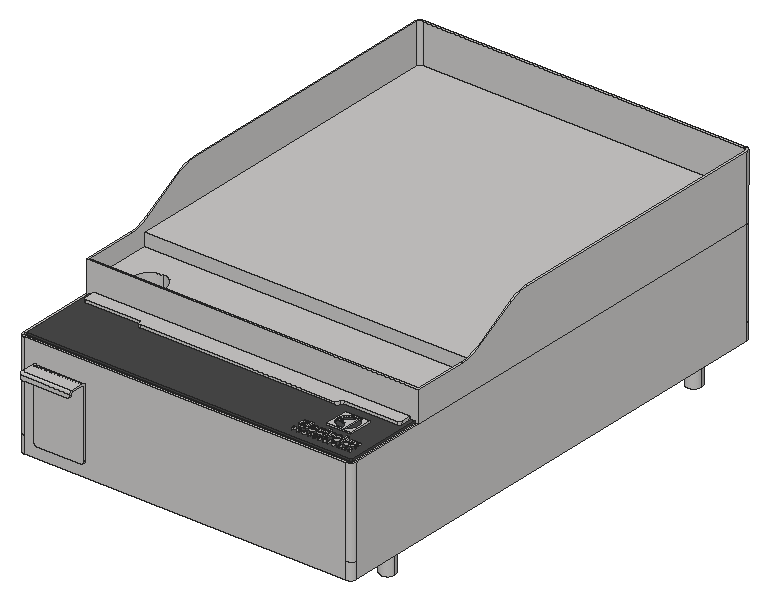
Revit family "QF_ELECTROLUXPROFESSIONAL_602347_E1IREEOMCS", category Specialty Equipment, Revit 2023 (continued)
Automatic sketch dimensions
  curve 250 to curve 250 = 0.8 mm
  curve 266 to curve 270 = 1.202 mm
  curve 255 to curve 259 = 1.202 mm
  curve 255 to curve 257 = 0.112 mm
  curve 266 to curve 268 = 0.112 mm
  curve 292 to curve 301 = 1.265 mm
  curve 209 to curve 210 = 0.543 mm
  curve 219 to curve 223 = 0.018 mm
  curve 210 to curve 206 = 0.022 mm
  curve 290 to curve 285 = 1.444 mm
  curve 248 to curve 247 = 0.8 mm
  curve 236 to curve 233 = 0.8 mm
  curve 227 to curve 219 = 0.261 mm
  curve 282 to curve 281 = 1.969 mm
  curve 258 to curve 259 = 0.061 mm
  curve 269 to curve 270 = 0.061 mm
  curve 258 to curve 256 = 0.035 mm
  curve 269 to curve 267 = 0.035 mm
  curve 300 to curve 301 = 1.018 mm
  curve 247 to curve 245 = 0.8 mm
  curve 234 to curve 231 = 0.8 mm
  curve 284 to curve 289 = 1.076 mm
  curve 244 to curve 244 = 0.134 mm
  curve 244 to curve 240 = 0.112 mm
  curve 253 to curve 260 = 0.324 mm
  curve 264 to curve 271 = 0.324 mm
  curve 300 to curve 295 = 0.767 mm
  curve 307 to curve 306 = 3.091 mm
  curve 278 to curve 274 = 1.922 mm
  curve 231 to curve 229 = 1.491 mm
  curve 218 to curve 218 = 1.661 mm
  curve 214 to curve 213 = 1.341 mm
  curve 305 to curve 305 = 0.8 mm
  curve 284 to curve 282 = 2.447 mm
  curve 289 to curve 285 = 1.371 mm
  curve 204 to curve 202 = 1.319 mm
  curve 295 to curve 298 = 0.84 mm
  curve 294 to curve 292 = 0.84 mm
  curve 252 to curve 254 = 3.506 mm
  curve 263 to curve 265 = 3.506 mm
  curve 278 to curve 278 = 2.065 mm
  curve 278 to curve 281 = 0.776 mm
  curve 171 to curve 167 = 1.19 mm
  curve 166 to curve 169 = 1.912 mm
  curve 265 to curve 267 = 0.355 mm
  curve 263 to curve 272 = 0.263 mm
  curve 266 to curve 267 = 0 mm
  curve 253 to curve 256 = 0.355 mm
  curve 252 to curve 261 = 0.263 mm
  curve 255 to curve 256 = 0 mm
  curve 138 to curve 139 = 1.111 mm
  curve 227 to curve 225 = 2.065 mm
  curve 227 to curve 226 = 0.776 mm
  curve 139 to curve 132 = 1.055 mm
  plane 12 to curve 36 = 84 mm
  curve 310 to curve 309 = 19 mm
  plane 12 to curve 311 = 2 mm
  plane 13 to curve 312 = 6 mm
  curve 312 to curve 312 = 22 mm
  curve 313 to curve 312 = 60 mm
  Extrusion 11 sketch curve to Extrusion 11 sketch curve = 80 mm
  plane 19 to Extrusion 11 sketch curve = 38 mm
  radius of Extrusion 5 sketch curve = 9 mm  (x4)
  radius of Extrusion 6 sketch curve = 10 mm
  radius of Extrusion 14 sketch curve = 19 mm
Nested families
  nested 1: "ELX_Logo_Professional" at (-364.269, -185.263, 916), visible <- "Show Logo", type "ELX_Logo_Professional"
Connectors
  electrical at (-442.269, 179.737, 778.028)
    settings: on Extrusion 6, index 1, voltage 0 V, apparent load 0 VA, apparent load phase1 0 VA, apparent load phase2 0 VA, apparent load phase3 0 VA, power factor 1, load classification "Altro", number of poles 1, system type 30, power factor state 1, is connector primary yes, connector utility no, sub classification motor no, connector description "Electrical"
Definition of nested family "ELX_Logo_Professional"
  Parameters (values of type "ELX_Logo_Professional")
    Default Elevation = 0 mm
  Reference planes
    plane 1 "Centro (Fronte/Retro)": y = 0
    plane 2: z = 0
    plane 3 "Centro (Sinistra/Destra)": x = 0
  Forms (mm)
    Extrusion 1, solid
      sketch origin (0, 0, 0) x (1, 0, 0) y (0, 1, 0)
        loop
          line (-1219.2, 1219.2) -> (-1219.2, -1219.2) -> (1219.2, -1219.2) -> (1219.2, 1219.2) -> (-1219.2, 1219.2)
      from 0 to -304.8
    Extrusion 2, solid
      sketch origin (-144.622, -1081.55, 0) x (-1, 0, 0) y (0, -1, 0)
        loop
          line (-130.265, -1113.361) -> (-130.265, -1084.645) -> (-158.979, -1084.645) -> (-158.979, -1113.361) -> (-130.265, -1113.361)
        loop
          arc (-146.24, -1106.937) -> (-147.076, -1109.166) -> (-147.324, -1111.534) r 9.395
          arc (-147.324, -1111.534) -> (-145.139, -1111.806) -> (-142.939, -1111.706) r 13.008
          line (-142.939, -1111.706) -> (-141.329, -1111.382) -> (-139.8, -1110.859) -> (-138.364, -1110.152) -> (-137.035, -1109.277) -> (-135.826, -1108.249) -> (-134.751, -1107.081) -> (-133.821, -1105.789) -> (-133.05, -1104.389) -> (-132.452, -1102.893) -> (-132.039, -1101.318) -> (-131.824, -1099.675) -> (-134.539, -1099.675) -> (-136.155, -1099.784) -> (-137.741, -1100.101) -> (-139.277, -1100.613) -> (-140.74, -1101.304) -> (-142.111, -1102.159) -> (-143.367, -1103.165) -> (-144.488, -1104.306) -> (-145.453, -1105.568) -> (-146.24, -1106.937)
        loop
          line (-148.67, -1086.844) -> (-150.173, -1087.464) -> (-151.57, -1088.253) -> (-152.847, -1089.196) -> (-153.992, -1090.281) -> (-154.994, -1091.494) -> (-155.841, -1092.821) -> (-156.519, -1094.25) -> (-157.018, -1095.766) -> (-157.324, -1097.357) -> (-157.427, -1099.009) -> (-157.315, -1100.685) -> (-156.998, -1102.296) -> (-156.488, -1103.827) -> (-155.799, -1105.265) -> (-154.946, -1106.596) -> (-153.94, -1107.806) -> (-152.796, -1108.882) -> (-151.528, -1109.81) -> (-150.148, -1110.576) -> (-148.67, -1111.167) -> (-148.67, -1086.844)
        loop
          arc (-147.323, -1086.473) -> (-147.041, -1088.83) -> (-146.239, -1091.065) r 10.532
          line (-146.239, -1091.065) -> (-145.452, -1092.432) -> (-144.488, -1093.693) -> (-143.367, -1094.833) -> (-142.111, -1095.838) -> (-140.741, -1096.693) -> (-139.278, -1097.383) -> (-137.743, -1097.894) -> (-136.157, -1098.211) -> (-134.541, -1098.32) -> (-131.822, -1098.32) -> (-131.976, -1096.81) -> (-132.312, -1095.353) -> (-132.818, -1093.961) -> (-133.481, -1092.644) -> (-134.291, -1091.416) -> (-135.235, -1090.288) -> (-136.302, -1089.272) -> (-137.48, -1088.379) -> (-138.757, -1087.622) -> (-140.121, -1087.012) -> (-141.56, -1086.561) -> (-143.063, -1086.281) -> (-144.633, -1086.183)
          arc (-144.633, -1086.183) -> (-145.985, -1086.264) -> (-147.323, -1086.473) r 14.39
        loop
          line (-111.329, -1069.559) -> (-111.329, -1071.073) -> (-116.048, -1071.073) -> (-116.048, -1072.896) -> (-111.328, -1072.896) -> (-111.328, -1075.549) -> (-116.349, -1075.549) -> (-116.349, -1077.368) -> (-109.396, -1077.368) -> (-109.396, -1073.46) -> (-109.396, -1069.659)
          arc (-109.396, -1069.659) -> (-110.425, -1067.175) -> (-112.909, -1066.146) r 3.513
          line (-112.909, -1066.146) -> (-116.483, -1066.146) -> (-116.483, -1067.963) -> (-112.925, -1067.963)
          arc (-112.925, -1067.963) -> (-111.797, -1068.431) -> (-111.329, -1069.559) r 1.596
        loop
          line (-119.79, -1077.358) -> (-117.856, -1077.358) -> (-117.856, -1072.053) -> (-117.856, -1066.132) -> (-119.79, -1066.132) -> (-119.79, -1072.092) -> (-119.79, -1077.358)
        loop
          line (-122.986, -1069.718) -> (-129.327, -1069.718)
          arc (-129.327, -1069.718) -> (-129.219, -1071.449) -> (-128.497, -1073.026) r 4.757
          arc (-128.497, -1073.026) -> (-125.237, -1074.5) -> (-121.978, -1073.026) r 4.34
          arc (-121.978, -1073.026) -> (-121.072, -1070.207) -> (-121.978, -1067.388) r 4.838
          arc (-121.978, -1067.388) -> (-125.393, -1065.933) -> (-128.809, -1067.388) r 4.737
          line (-128.809, -1067.388) -> (-127.645, -1068.52)
          arc (-127.645, -1068.52) -> (-125.509, -1067.576) -> (-123.374, -1068.52) r 2.888
          arc (-123.374, -1068.52) -> (-123.05, -1069.077) -> (-122.986, -1069.718) r 1.527
        loop
          arc (-127.386, -1071.076) -> (-126.67, -1072.331) -> (-125.331, -1072.872) r 2.201
          arc (-125.331, -1072.872) -> (-123.848, -1072.402) -> (-123.033, -1071.076) r 2.23
          line (-123.033, -1071.076) -> (-127.386, -1071.076)
        loop
          line (-136.862, -1071.886) -> (-138.059, -1073.132)
          arc (-138.059, -1073.132) -> (-130.327, -1070.219) -> (-138.059, -1067.306) r 4.415
          line (-138.059, -1067.306) -> (-136.862, -1068.553)
          arc (-136.862, -1068.553) -> (-132.252, -1070.22) -> (-136.862, -1071.886) r 2.606
        loop
          line (-141.192, -1069.673) -> (-141.192, -1072.494) -> (-142.951, -1072.494) -> (-142.951, -1074.25) -> (-141.195, -1074.25) -> (-141.195, -1077.358) -> (-139.262, -1077.358) -> (-139.262, -1073.332) -> (-139.262, -1069.514)
          arc (-139.262, -1069.514) -> (-140.299, -1066.92) -> (-142.98, -1066.132) r 3.196
          line (-142.98, -1066.132) -> (-142.987, -1067.949)
          arc (-142.987, -1067.949) -> (-141.652, -1068.356) -> (-141.192, -1069.673) r 1.542
        loop
          line (-146.494, -1073.042) -> (-146.494, -1074.25) -> (-144.576, -1074.25) -> (-144.576, -1070.271) -> (-144.576, -1066.132) -> (-146.494, -1066.132) -> (-146.494, -1070.401)
          arc (-146.494, -1070.401) -> (-147.446, -1072.228) -> (-149.489, -1072.494) r 2.229
          line (-149.489, -1072.494) -> (-149.489, -1074.362)
          arc (-149.489, -1074.362) -> (-147.761, -1074.226) -> (-146.494, -1073.042) r 2.627
        loop
          line (-159.833, -1072.246) -> (-159.833, -1066.131) -> (-161.767, -1066.131) -> (-161.767, -1072.17) -> (-161.767, -1077.359) -> (-159.833, -1077.359) -> (-159.833, -1072.246)
        loop
          line (-165.194, -1069.514) -> (-165.194, -1074.25) -> (-163.245, -1074.25) -> (-163.245, -1071.898) -> (-163.245, -1069.098)
          arc (-163.245, -1069.098) -> (-166.96, -1065.769) -> (-170.687, -1069.085) r 3.745
          line (-170.687, -1069.085) -> (-170.687, -1071.898) -> (-170.687, -1074.25) -> (-168.739, -1074.25) -> (-168.739, -1069.514)
          arc (-168.739, -1069.514) -> (-166.967, -1067.742) -> (-165.194, -1069.514) r 1.772
        loop
          line (-174.654, -1070.416) -> (-172.975, -1068.078) -> (-171.578, -1066.131) -> (-173.656, -1066.131) -> (-175.717, -1068.999) -> (-177.779, -1066.131) -> (-179.857, -1066.131) -> (-178, -1068.728) -> (-176.781, -1070.433) -> (-178.29, -1072.488) -> (-179.583, -1074.25) -> (-177.473, -1074.25) -> (-175.717, -1071.818) -> (-173.945, -1074.25) -> (-171.852, -1074.25) -> (-173.052, -1072.608) -> (-174.654, -1070.416)
        loop
          circle (-154.223, -1070.188) r 2.508
        loop
          circle (-154.223, -1070.188) r 4.42
        loop
          line (-110.224, -1058.542) -> (-111.194, -1058.542)
          arc (-111.194, -1058.542) -> (-112.217, -1059.95) -> (-110.924, -1061.114) r 1.3
          line (-110.924, -1061.114) -> (-109.424, -1061.114) -> (-109.424, -1057.223) -> (-110.224, -1057.223) -> (-110.224, -1058.542)
        loop
          line (-110.224, -1060.379) -> (-110.224, -1059.293) -> (-111.03, -1059.293)
          arc (-111.03, -1059.293) -> (-111.43, -1059.836) -> (-111.03, -1060.379) r 0.569
          line (-111.03, -1060.379) -> (-110.224, -1060.379)
        loop
          line (-116.302, -1058.564) -> (-117.128, -1058.564) -> (-117.934, -1057.223) -> (-118.841, -1057.223) -> (-117.833, -1058.884)
          arc (-117.833, -1058.884) -> (-118.214, -1060.282) -> (-117.028, -1061.114) r 1.26
          line (-117.028, -1061.114) -> (-115.503, -1061.114) -> (-115.503, -1057.223) -> (-116.302, -1057.223) -> (-116.302, -1058.564)
        loop
          line (-116.302, -1060.379) -> (-116.302, -1059.293) -> (-117.109, -1059.293)
          arc (-117.109, -1059.293) -> (-117.508, -1059.836) -> (-117.109, -1060.379) r 0.569
          line (-117.109, -1060.379) -> (-116.302, -1060.379)
        loop
          line (-128.923, -1057.223) -> (-129.723, -1057.223) -> (-129.723, -1058.714) -> (-131.187, -1058.714) -> (-131.187, -1059.514) -> (-129.723, -1059.514) -> (-129.723, -1060.314) -> (-131.327, -1060.314) -> (-131.327, -1061.114) -> (-128.923, -1061.114) -> (-128.923, -1057.223)
        loop
          arc (-134.628, -1058.469) -> (-134.992, -1057.588) -> (-135.874, -1057.223) r 1.246
          line (-135.874, -1057.223) -> (-137.13, -1057.223) -> (-137.13, -1058.023) -> (-135.969, -1058.023)
          arc (-135.969, -1058.023) -> (-135.53, -1058.237) -> (-135.427, -1058.714) r 0.558
          line (-135.427, -1058.714) -> (-136.984, -1058.714) -> (-136.984, -1059.514) -> (-135.427, -1059.514) -> (-135.427, -1060.314) -> (-137.092, -1060.314) -> (-137.092, -1061.114) -> (-134.628, -1061.114) -> (-134.628, -1058.469)
        loop
          line (-152.3, -1057.223) -> (-153.1, -1057.223) -> (-153.1, -1061.114) -> (-152.3, -1061.114) -> (-152.3, -1057.223)
        loop
          line (-164.67, -1057.223) -> (-164.67, -1059.67) -> (-166.45, -1057.223) -> (-167.25, -1057.223) -> (-167.25, -1061.114) -> (-166.42, -1061.114) -> (-166.42, -1058.594) -> (-164.64, -1061.114) -> (-163.84, -1061.114) -> (-163.84, -1057.223) -> (-164.67, -1057.223)
        loop
          line (-170.403, -1057.223) -> (-171.262, -1057.223) -> (-171.641, -1058.063) -> (-173.08, -1058.063) -> (-173.459, -1057.223) -> (-174.317, -1057.223) -> (-172.796, -1061.113) -> (-171.996, -1061.113) -> (-170.403, -1057.223)
        loop
          line (-177.493, -1057.223) -> (-179.789, -1057.223) -> (-179.789, -1058.023) -> (-178.293, -1058.023) -> (-178.293, -1061.114) -> (-177.493, -1061.114) -> (-177.493, -1057.223)
        loop
          line (-172.362, -1059.848) -> (-171.945, -1058.83) -> (-172.76, -1058.83) -> (-172.362, -1059.848)
        loop
          circle (-158.484, -1059.145) r 1.288
        loop
          circle (-158.484, -1059.145) r 2.065
        loop
          arc (-146.04, -1058.095) -> (-146.933, -1057.275) -> (-148.145, -1057.245) r 1.725
          arc (-148.145, -1057.245) -> (-148.965, -1058.02) -> (-148.68, -1059.111) r 1.107
          arc (-148.68, -1059.111) -> (-148.103, -1059.465) -> (-147.486, -1059.746) r 5.523
          arc (-147.486, -1059.746) -> (-147.147, -1060.262) -> (-147.708, -1060.52) r 0.407
          arc (-147.708, -1060.52) -> (-148.045, -1060.315) -> (-148.325, -1060.038) r 1.702
          line (-148.325, -1060.038) -> (-149.011, -1060.45)
          arc (-149.011, -1060.45) -> (-148.578, -1060.911) -> (-148.043, -1061.247) r 2.463
          arc (-148.043, -1061.247) -> (-146.373, -1060.466) -> (-147.42, -1058.949) r 1.207
          spline (-147.42, -1058.949) -> (-147.716, -1058.809) -> (-147.932, -1058.678) -> (-148.077, -1058.557) -> (-148.163, -1058.446) -> (-148.198, -1058.347) -> (-148.192, -1058.258) -> (-148.157, -1058.182) -> (-148.102, -1058.118) -> (-148.037, -1058.068) -> (-147.972, -1058.031) -> (-147.917, -1058.008) -> (-147.883, -1058)
          arc (-147.883, -1058) -> (-147.238, -1058.014) -> (-146.759, -1058.446) r 0.925
          line (-146.759, -1058.446) -> (-146.04, -1058.095)
        loop
          arc (-140.18, -1058.095) -> (-141.073, -1057.275) -> (-142.285, -1057.245) r 1.725
          arc (-142.285, -1057.245) -> (-143.106, -1058.02) -> (-142.821, -1059.111) r 1.107
          arc (-142.821, -1059.111) -> (-142.243, -1059.465) -> (-141.627, -1059.746) r 5.523
          arc (-141.627, -1059.746) -> (-141.287, -1060.262) -> (-141.849, -1060.52) r 0.407
          arc (-141.849, -1060.52) -> (-142.185, -1060.315) -> (-142.466, -1060.038) r 1.702
          line (-142.466, -1060.038) -> (-143.151, -1060.45)
          arc (-143.151, -1060.45) -> (-142.719, -1060.911) -> (-142.183, -1061.247) r 2.463
          arc (-142.183, -1061.247) -> (-140.513, -1060.466) -> (-141.56, -1058.949) r 1.207
          spline (-141.56, -1058.949) -> (-141.856, -1058.809) -> (-142.072, -1058.678) -> (-142.218, -1058.557) -> (-142.303, -1058.446) -> (-142.338, -1058.347) -> (-142.333, -1058.258) -> (-142.298, -1058.182) -> (-142.242, -1058.118) -> (-142.177, -1058.068) -> (-142.112, -1058.031) -> (-142.057, -1058.008) -> (-142.023, -1058)
          arc (-142.023, -1058) -> (-141.378, -1058.014) -> (-140.9, -1058.446) r 0.925
          line (-140.9, -1058.446) -> (-140.18, -1058.095)
        loop
          circle (-123.484, -1059.145) r 1.288
        loop
          circle (-123.484, -1059.145) r 2.065
      from 0 to 1.6
  Dimensions and locks
    aligned and locked: plane 2 to Extrusion 1
    aligned and locked: level to Extrusion 1
